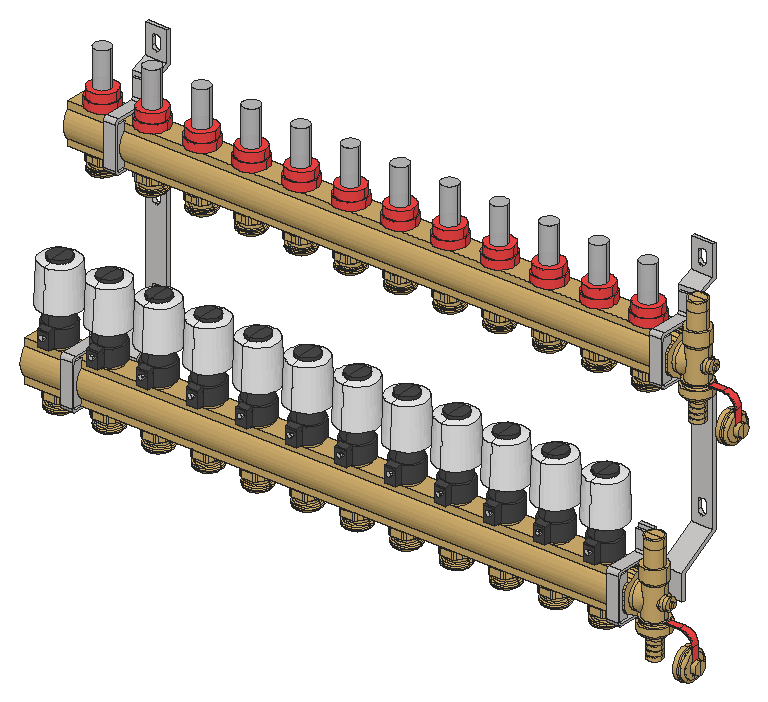
Revit family "1Manifold FHF-F_2-12_TWA-A_RFA", category Pipe Accessories, Revit 2019 (continued)
Definition of nested family "_FHF-EA_EM"
  Forms (mm)
    Revolve 13, solid, material <- "Valve Body Material", visible <- "FHF-EA200"
      sketch origin (0, 0, 0) x (1, 0, 0) y (0, 0, 1)
        loop
          line (34.458, 75.7) -> (18.583, 75.7) -> (18.583, 31.222) -> (22.397, 31.222) -> (22.397, 29.7) -> (22.397, -20.3) -> (19.532, -20.3) -> (19.532, -30.3) -> (26.815, -30.3) -> (26.815, -53.8) -> (34.458, -53.8) -> (34.458, 75.7)
        axis (34.458, -53.8) -> (34.458, 75.7)
      angle from 0 to 360
    Revolve 14, solid, material <- "Valve Body Material", visible <- "FHF-EA200"
      sketch origin (0, 0, 0) x (1, 0, 0) y (0, 0, 1)
        loop
          line (64.487, -47.3) -> (80.487, -47.3) -> (80.487, -41.045) -> (74.447, -41.045) -> (74.447, -32.3) -> (64.487, -32.3) -> (64.487, -47.3)
        axis (80.487, -47.3) -> (64.487, -47.3)
      angle from 0 to 360
    Revolve 15, solid, material <- "Valve Body Material", visible <- "FHF-EM350"
      sketch origin (0, 0, 0) x (1, 0, 0) y (0, 0, 1)
        loop
          line (34.487, -53.8) -> (34.487, 57.24) -> (26.313, 57.24)
          arc (26.313, 57.24) -> (25.748, 57.006) -> (25.513, 56.44) r 0.8
          line (25.513, 56.44) -> (25.513, 48.2) -> (25.513, 31.226) -> (22.284, 31.226) -> (22.284, 17.96) -> (23.815, 15.773) -> (23.815, -16.3) -> (20.987, -16.3) -> (20.987, -17.3) -> (23.632, -17.3) -> (23.632, -18.82) -> (22.157, -20.295) -> (19.515, -20.295) -> (19.515, -27.281) -> (22.534, -30.3) -> (26.842, -30.3) -> (27.094, -35.103) -> (27.482, -38.797) -> (27.272, -39.877) -> (27.48, -43.835) -> (27.281, -44.86) -> (27.488, -48.827) -> (27.176, -49.734) -> (27.176, -53.35) -> (28.237, -53.8) -> (34.487, -53.8)
        axis (34.487, -53.8) -> (34.487, 57.24)
      angle from 0 to 360
    Sweep 16, solid, visible <- "FHF-EM"
      path origin (0, 0, 0) x (1, 0, 0) y (0, 0, 1)
        loop
          line (45.159, -16.3) -> (62.487, -16.3)
          arc (62.487, -16.3) -> (71.656, -20.098) -> (75.455, -29.268) r 12.968
          line (75.455, -29.268) -> (75.455, -54.268)
      profile origin (53.823, 0, -16.3) x (0, 0, 1) y (0, -1, 0)
        loop
          line (-0.007, 3.534) -> (-1.008, 3.534) -> (-1.008, -3.534) -> (-0.008, -3.534) -> (-0.007, 3.534)
    Revolve 17, solid, material <- "Valve Body Material", visible <- "FHF-EM200"
      sketch origin (0, 0, 0) x (1, 0, 0) y (0, 0, 1)
        loop
          line (0, 0) -> (34.041, 0)
          arc (34.041, 0) -> (30.207, 11.138) -> (19.487, 16.021) r 14.916
          line (19.487, 16.021) -> (0, 16.021) -> (0, 0)
        axis (0, 0) -> (34.041, 0)
      angle from 0 to 360
    Revolve 18, solid, material <- "Valve Body Material", visible <- "FHF-EA200"
      sketch origin (0, 0, 0) x (1, 0, 0) y (0, 0, 1)
        loop
          line (34.458, 75.7) -> (18.583, 75.7) -> (18.583, 31.222) -> (22.397, 31.222) -> (22.397, 29.7) -> (22.397, -20.3) -> (19.532, -20.3) -> (19.532, -30.3) -> (26.815, -30.3) -> (26.815, -53.8) -> (34.458, -53.8) -> (34.458, 75.7)
        axis (34.458, -53.8) -> (34.458, 75.7)
      angle from 0 to 360
    Revolve 19, solid, material <- "Valve Body Material", visible <- "FHF-EM200"
      sketch origin (0, 0, 0) x (1, 0, 0) y (0, 0, 1)
        loop
          line (64.487, -47.3) -> (80.487, -47.3) -> (80.487, -41.045) -> (74.447, -41.045) -> (74.447, -32.3) -> (64.487, -32.3) -> (64.487, -47.3)
        axis (80.487, -47.3) -> (64.487, -47.3)
      angle from 0 to 360
    Revolve 20, solid, material <- "Valve Body Material", visible <- "FHF-EM200"
      sketch origin (0, 0, 0) x (1, 0, 0) y (0, 0, 1)
        loop
          line (34.458, 57.24) -> (22.397, 57.24) -> (22.397, -20.3) -> (19.532, -20.3) -> (19.532, -30.3) -> (26.815, -30.3) -> (26.815, -53.8) -> (34.458, -53.8) -> (34.458, 57.24)
        axis (34.458, -53.8) -> (34.458, 57.24)
      angle from 0 to 360
  Dimensions and locks
    "L": plane 6 to plane 3 "Center (Left/Right)"
    "H1": plane 8 to level
    "H2": level to plane 7
    equal spacing: plane 9, plane 1 "Center (Front/Back)", plane 10
    "W": plane 9 to plane 10
    aligned and locked: level to plane 2
  Automatic sketch dimensions
    Revolve 1 sketch curve to level = 0 mm  (x2)
    Revolve 1 sketch curve to plane 3 "Center (Left/Right)" = 0 mm  (x2)
    plane 3 "Center (Left/Right)" to Revolve 1 sketch curve = 7.24 mm
    Revolve 1 sketch curve to Revolve 1 sketch curve = 0.736 mm
    Revolve 1 sketch curve to Revolve 1 sketch curve = 2.794 mm
    Revolve 1 sketch curve to Revolve 1 sketch curve = 1.453 mm
    level to Revolve 1 sketch curve = 14.494 mm
    Revolve 1 sketch curve to Revolve 1 sketch curve = 2.058 mm  (x2)
    plane 3 "Center (Left/Right)" to Revolve 1 sketch curve = 1.535 mm
    Revolve 1 sketch curve to Revolve 1 sketch curve = 0 mm
    Revolve 1 sketch curve to Revolve 1 sketch curve = 1.535 mm
    Extrusion 2 sketch curve to level = 0 mm  (x2)
    Extrusion 2 sketch curve to plane 1 "Center (Front/Back)" = 0 mm  (x2)
    plane 1 "Center (Front/Back)" to Extrusion 2 sketch curve = 2.669 mm  (x2)
    Extrusion 2 sketch curve to Extrusion 2 sketch curve = 3.302 mm  (x2)
    Extrusion 2 sketch curve to plane 4 = 3.75 mm  (x2)
    plane 4 to Extrusion 2 sketch curve = 2.831 mm  (x2)
    Extrusion 2 sketch curve to Extrusion 2 sketch curve = 0.782 mm  (x2)
    Extrusion 2 sketch curve to Extrusion 2 sketch curve = 0.707 mm  (x2)
    Extrusion 2 sketch curve to Extrusion 2 sketch curve = 1.489 mm  (x2)
    Extrusion 2 sketch curve to Extrusion 2 sketch curve = 0.63 mm  (x2)
    plane 4 to Extrusion 2 sketch curve = 5.5 mm
    Extrusion 2 sketch curve to plane 1 "Center (Front/Back)" = 2.669 mm  (x2)
    plane 5 to Extrusion 2 sketch curve = 3.75 mm  (x2)
    Extrusion 2 sketch curve to plane 5 = 2.831 mm  (x2)
    Extrusion 2 sketch curve to plane 5 = 5.5 mm
    Extrusion 2 sketch curve to Extrusion 2 sketch curve = 3.786 mm  (x2)
    Extrusion 2 sketch curve to Extrusion 2 sketch curve = 3.813 mm  (x2)
    Extrusion 2 sketch curve to Extrusion 2 sketch curve = 1.22 mm  (x2)
    Extrusion 2 sketch curve to Extrusion 2 sketch curve = 1.181 mm  (x2)
    Extrusion 2 sketch curve to Extrusion 2 sketch curve = 1.136 mm  (x2)
    Extrusion 2 sketch curve to Extrusion 2 sketch curve = 1.086 mm  (x2)
    Extrusion 2 sketch curve to Extrusion 2 sketch curve = 3.8 mm  (x4)
    Extrusion 2 sketch curve to Extrusion 2 sketch curve = 1.893 mm  (x7)
    Extrusion 2 sketch curve to Extrusion 2 sketch curve = 5.693 mm
    Extrusion 2 sketch curve to Extrusion 2 sketch curve = 1.907 mm  (x3)
    Extrusion 2 sketch curve to Extrusion 2 sketch curve = 0.179 mm  (x2)
    level to Extrusion 2 sketch curve = 3.786 mm  (x2)
    Extrusion 2 sketch curve to Extrusion 2 sketch curve = 3.814 mm  (x2)
    Extrusion 2 sketch curve to Extrusion 2 sketch curve = 2.401 mm  (x2)
    Extrusion 2 sketch curve to Extrusion 2 sketch curve = 2.222 mm  (x2)
    Extrusion 2 sketch curve to Extrusion 2 sketch curve = 0 mm  (x15)
    Extrusion 2 sketch curve to Extrusion 2 sketch curve = 3.279 mm  (x2)
    Extrusion 2 sketch curve to plane 4 = 0.471 mm  (x2)
    plane 5 to Extrusion 2 sketch curve = 0.471 mm  (x2)
    plane 3 "Center (Left/Right)" to Revolve 3 sketch curve = 15.987 mm
    Revolve 3 sketch curve to Revolve 3 sketch curve = 0.47 mm
    Revolve 3 sketch curve to Revolve 3 sketch curve = 1.502 mm
    Revolve 3 sketch curve to Revolve 3 sketch curve = 3.069 mm
    plane 3 "Center (Left/Right)" to Revolve 3 sketch curve = 19.056 mm
    plane 3 "Center (Left/Right)" to Revolve 3 sketch curve = 19.515 mm
    Revolve 3 sketch curve to Revolve 3 sketch curve = 1.472 mm
    Revolve 3 sketch curve to Revolve 3 sketch curve = 3.228 mm
    Revolve 3 sketch curve to Revolve 3 sketch curve = 2.642 mm
    Revolve 3 sketch curve to Revolve 3 sketch curve = 3.019 mm  (x2)
    Revolve 3 sketch curve to Revolve 3 sketch curve = 1.475 mm  (x2)
    Revolve 3 sketch curve to Revolve 3 sketch curve = 1.531 mm
    Revolve 3 sketch curve to Revolve 3 sketch curve = 4.308 mm
    Revolve 3 sketch curve to Revolve 3 sketch curve = 0.252 mm
    Revolve 3 sketch curve to Revolve 3 sketch curve = 0.082 mm
    Revolve 3 sketch curve to Revolve 3 sketch curve = 0.178 mm
    Revolve 3 sketch curve to Revolve 3 sketch curve = 0.105 mm
    Revolve 3 sketch curve to Revolve 3 sketch curve = 0.199 mm
    Revolve 3 sketch curve to Revolve 3 sketch curve = 0.21 mm
    Revolve 3 sketch curve to Revolve 3 sketch curve = 0.313 mm
    Revolve 3 sketch curve to Revolve 3 sketch curve = 1.061 mm
    Revolve 3 sketch curve to Revolve 3 sketch curve = 3.958 mm
    Revolve 3 sketch curve to Revolve 3 sketch curve = 1.08 mm
    Revolve 3 sketch curve to Revolve 3 sketch curve = 3.695 mm
    Revolve 3 sketch curve to Revolve 3 sketch curve = 4.803 mm
    Revolve 3 sketch curve to Revolve 3 sketch curve = 1.52 mm
    Revolve 3 sketch curve to Revolve 3 sketch curve = 1 mm
    level to Revolve 3 sketch curve = 15.773 mm
    Revolve 3 sketch curve to Revolve 3 sketch curve = 17.012 mm
    Revolve 3 sketch curve to Revolve 3 sketch curve = 0.512 mm
    Revolve 3 sketch curve to Revolve 3 sketch curve = 0.919 mm
    Revolve 3 sketch curve to Revolve 3 sketch curve = 5.08 mm
    Revolve 3 sketch curve to Revolve 3 sketch curve = 1.962 mm
    Revolve 3 sketch curve to Revolve 3 sketch curve = 6.25 mm
    Revolve 3 sketch curve to Revolve 3 sketch curve = 0 mm  (x2)
    Revolve 3 sketch curve to Revolve 3 sketch curve = 0.007 mm
    plane 6 to Revolve 4 sketch curve = 0 mm  (x2)
    Revolve 4 sketch curve to plane 6 = 6 mm
    Revolve 4 sketch curve to Revolve 4 sketch curve = 2.522 mm
    Revolve 4 sketch curve to Revolve 4 sketch curve = 2.471 mm
    Revolve 4 sketch curve to Revolve 4 sketch curve = 0.522 mm
    Revolve 4 sketch curve to Revolve 4 sketch curve = 0.143 mm
    Revolve 4 sketch curve to Revolve 4 sketch curve = 6.164 mm
    Revolve 4 sketch curve to Revolve 4 sketch curve = 5.813 mm
    Revolve 4 sketch curve to Revolve 4 sketch curve = 0.001 mm
    Revolve 4 sketch curve to Revolve 4 sketch curve = 10 mm
    Revolve 4 sketch curve to Revolve 4 sketch curve = 0 mm  (x2)
    Sweep 5 sketch curve to plane 6 = 18 mm
    Sweep 5 sketch curve to Sweep 5 sketch curve = 12.968 mm
    Sweep 5 sketch curve to Sweep 5 sketch curve = 17.328 mm
    profile plane to Sweep 5 sketch curve = 1.008 mm
    profile plane to Sweep 5 sketch curve = 0.008 mm
    Sweep 5 sketch curve to Sweep 5 sketch curve = 1.001 mm
    Sweep 5 sketch curve to plane 1 "Center (Front/Back)" = 3.534 mm
    plane 1 "Center (Front/Back)" to Sweep 5 sketch curve = 3.534 mm
    Sweep 5 sketch curve to Sweep 5 sketch curve = 1 mm
    plane 3 "Center (Left/Right)" to Revolve 6 sketch curve = 6.174 mm
    Revolve 6 sketch curve to Revolve 6 sketch curve = 9.151 mm
    Revolve 6 sketch curve to Revolve 6 sketch curve = 0.823 mm
    Revolve 6 sketch curve to Revolve 6 sketch curve = 0 mm  (x2)
    Revolve 6 sketch curve to Revolve 6 sketch curve = 3.908 mm
    Revolve 6 sketch curve to Revolve 6 sketch curve = 0.141 mm
    Revolve 7 sketch curve to level = 0 mm  (x2)
    plane 3 "Center (Left/Right)" to Revolve 7 sketch curve = 19.487 mm
    Revolve 7 sketch curve to Revolve 7 sketch curve = 4.111 mm
    Revolve 7 sketch curve to Revolve 7 sketch curve = 9.817 mm
    Revolve 7 sketch curve to Revolve 7 sketch curve = 11.642 mm
    Revolve 7 sketch curve to Revolve 7 sketch curve = 1.53 mm
    Revolve 7 sketch curve to Revolve 7 sketch curve = 4.1 mm
    Revolve 7 sketch curve to Revolve 7 sketch curve = 2.909 mm
    level to Revolve 7 sketch curve = 2.5 mm
    Revolve 7 sketch curve to Revolve 7 sketch curve = 3.5 mm
    level to Revolve 7 sketch curve = 7.53 mm
    Revolve 7 sketch curve to Revolve 7 sketch curve = 7.132 mm
    Revolve 7 sketch curve to Revolve 7 sketch curve = 0 mm  (x2)
    Revolve 8 sketch curve to level = 0 mm  (x2)
    Revolve 8 sketch curve to plane 3 "Center (Left/Right)" = 0 mm  (x2)
    plane 3 "Center (Left/Right)" to Revolve 8 sketch curve = 1.535 mm
    Revolve 8 sketch curve to Revolve 8 sketch curve = 5.705 mm
    Revolve 8 sketch curve to Revolve 8 sketch curve = 0.736 mm
    Revolve 8 sketch curve to Revolve 8 sketch curve = 2.794 mm
    Revolve 8 sketch curve to Revolve 8 sketch curve = 1.453 mm
    level to Revolve 8 sketch curve = 14.494 mm
    Revolve 8 sketch curve to Revolve 8 sketch curve = 0.523 mm
    Revolve 8 sketch curve to Revolve 8 sketch curve = 2.058 mm  (x2)
    Revolve 8 sketch curve to Revolve 8 sketch curve = 0 mm
    Extrusion 9 sketch curve to level = 0 mm  (x2)
    Extrusion 9 sketch curve to plane 1 "Center (Front/Back)" = 0 mm  (x2)
    plane 1 "Center (Front/Back)" to Extrusion 9 sketch curve = 2.669 mm  (x2)
    Extrusion 9 sketch curve to Extrusion 9 sketch curve = 3.302 mm  (x2)
    Extrusion 9 sketch curve to plane 4 = 3.75 mm  (x2)
    plane 4 to Extrusion 9 sketch curve = 2.831 mm  (x2)
    Extrusion 9 sketch curve to Extrusion 9 sketch curve = 0.782 mm  (x2)
    Extrusion 9 sketch curve to Extrusion 9 sketch curve = 0.707 mm  (x2)
    Extrusion 9 sketch curve to Extrusion 9 sketch curve = 1.489 mm  (x2)
    Extrusion 9 sketch curve to Extrusion 9 sketch curve = 0.63 mm  (x2)
    plane 4 to Extrusion 9 sketch curve = 5.5 mm
    Extrusion 9 sketch curve to plane 1 "Center (Front/Back)" = 2.669 mm  (x2)
    plane 5 to Extrusion 9 sketch curve = 3.75 mm  (x2)
    Extrusion 9 sketch curve to plane 5 = 2.831 mm  (x2)
    Extrusion 9 sketch curve to plane 5 = 5.5 mm
    Extrusion 9 sketch curve to Extrusion 9 sketch curve = 3.786 mm  (x2)
    Extrusion 9 sketch curve to Extrusion 9 sketch curve = 3.813 mm  (x2)
    Extrusion 9 sketch curve to Extrusion 9 sketch curve = 1.22 mm  (x2)
    Extrusion 9 sketch curve to Extrusion 9 sketch curve = 1.181 mm  (x2)
    Extrusion 9 sketch curve to Extrusion 9 sketch curve = 1.136 mm  (x2)
    Extrusion 9 sketch curve to Extrusion 9 sketch curve = 1.086 mm  (x2)
    Extrusion 9 sketch curve to Extrusion 9 sketch curve = 3.8 mm  (x4)
    Extrusion 9 sketch curve to Extrusion 9 sketch curve = 1.893 mm  (x7)
    Extrusion 9 sketch curve to Extrusion 9 sketch curve = 5.693 mm
    Extrusion 9 sketch curve to Extrusion 9 sketch curve = 1.907 mm  (x3)
    Extrusion 9 sketch curve to Extrusion 9 sketch curve = 0.179 mm  (x2)
    level to Extrusion 9 sketch curve = 3.786 mm  (x2)
    Extrusion 9 sketch curve to Extrusion 9 sketch curve = 3.814 mm  (x2)
    Extrusion 9 sketch curve to Extrusion 9 sketch curve = 2.401 mm  (x2)
    Extrusion 9 sketch curve to Extrusion 9 sketch curve = 2.222 mm  (x2)
    Extrusion 9 sketch curve to Extrusion 9 sketch curve = 0 mm  (x15)
    Extrusion 9 sketch curve to Extrusion 9 sketch curve = 3.279 mm  (x2)
    Extrusion 9 sketch curve to plane 4 = 0.471 mm  (x2)
    plane 5 to Extrusion 9 sketch curve = 0.471 mm  (x2)
    plane 6 to Revolve 10 sketch curve = 0 mm  (x2)
    Revolve 10 sketch curve to plane 6 = 6 mm
    Revolve 10 sketch curve to Revolve 10 sketch curve = 2.522 mm
    Revolve 10 sketch curve to Revolve 10 sketch curve = 2.471 mm
    Revolve 10 sketch curve to Revolve 10 sketch curve = 0.522 mm
    Revolve 10 sketch curve to Revolve 10 sketch curve = 0.143 mm
    Revolve 10 sketch curve to Revolve 10 sketch curve = 10 mm
    Revolve 10 sketch curve to Revolve 10 sketch curve = 6.164 mm
    Revolve 10 sketch curve to Revolve 10 sketch curve = 5.813 mm
    Revolve 10 sketch curve to Revolve 10 sketch curve = 0.001 mm
    Revolve 10 sketch curve to Revolve 10 sketch curve = 0 mm  (x2)
    Revolve 11 sketch curve to level = 0 mm  (x2)
    plane 3 "Center (Left/Right)" to Revolve 11 sketch curve = 19.487 mm
    Revolve 11 sketch curve to Revolve 11 sketch curve = 4.111 mm
    Revolve 11 sketch curve to Revolve 11 sketch curve = 9.817 mm
    Revolve 11 sketch curve to Revolve 11 sketch curve = 11.642 mm
    Revolve 11 sketch curve to Revolve 11 sketch curve = 1.53 mm
    Revolve 11 sketch curve to Revolve 11 sketch curve = 4.1 mm
    Revolve 11 sketch curve to Revolve 11 sketch curve = 2.909 mm
    level to Revolve 11 sketch curve = 2.5 mm
    Revolve 11 sketch curve to Revolve 11 sketch curve = 3.5 mm
    level to Revolve 11 sketch curve = 7.53 mm
    Revolve 11 sketch curve to Revolve 11 sketch curve = 7.132 mm
    Revolve 11 sketch curve to Revolve 11 sketch curve = 0 mm  (x2)
    Revolve 12 sketch curve to level = 0 mm  (x2)
    Revolve 12 sketch curve to plane 3 "Center (Left/Right)" = 0 mm  (x2)
    level to Revolve 12 sketch curve = 1.109 mm
    plane 3 "Center (Left/Right)" to Revolve 12 sketch curve = 19.166 mm
    Revolve 12 sketch curve to Revolve 12 sketch curve = 0.32 mm
    Revolve 12 sketch curve to Revolve 12 sketch curve = 14.874 mm
    Revolve 12 sketch curve to Revolve 12 sketch curve = 0 mm
    plane 3 "Center (Left/Right)" to Revolve 13 sketch curve = 18.583 mm
    plane 3 "Center (Left/Right)" to Revolve 13 sketch curve = 19.532 mm
    Revolve 13 sketch curve to Revolve 13 sketch curve = 3.814 mm
    Revolve 13 sketch curve to Revolve 13 sketch curve = 7.283 mm
    Revolve 13 sketch curve to Revolve 13 sketch curve = 7.643 mm
    Revolve 13 sketch curve to Revolve 13 sketch curve = 10 mm
    level to Revolve 13 sketch curve = 29.7 mm
    Revolve 13 sketch curve to Revolve 13 sketch curve = 1.522 mm
    Revolve 13 sketch curve to Revolve 13 sketch curve = 0 mm  (x3)
    plane 6 to Revolve 14 sketch curve = 0 mm  (x2)
    Revolve 14 sketch curve to plane 6 = 6.04 mm
    Revolve 14 sketch curve to Revolve 14 sketch curve = 9.96 mm
    Revolve 14 sketch curve to Revolve 14 sketch curve = 8.745 mm
    Revolve 14 sketch curve to Revolve 14 sketch curve = 0 mm  (x2)
    Sweep 16 sketch curve to plane 6 = 18 mm
    Sweep 16 sketch curve to plane 6 = 5.032 mm
    Sweep 16 sketch curve to Sweep 16 sketch curve = 17.328 mm
    profile plane to Sweep 16 sketch curve = 1.008 mm  (x2)
    profile plane to Sweep 16 sketch curve = 0.008 mm
    profile plane to Sweep 16 sketch curve = 0.007 mm
    Sweep 16 sketch curve to plane 1 "Center (Front/Back)" = 3.534 mm
    plane 1 "Center (Front/Back)" to Sweep 16 sketch curve = 3.534 mm
    Revolve 17 sketch curve to level = 0 mm  (x2)
    Revolve 17 sketch curve to plane 3 "Center (Left/Right)" = 0 mm  (x2)
    level to Revolve 17 sketch curve = 1.109 mm
    plane 3 "Center (Left/Right)" to Revolve 17 sketch curve = 19.166 mm
    Revolve 17 sketch curve to Revolve 17 sketch curve = 0.32 mm
    Revolve 17 sketch curve to Revolve 17 sketch curve = 14.874 mm
    Revolve 17 sketch curve to Revolve 17 sketch curve = 0 mm
    plane 3 "Center (Left/Right)" to Revolve 18 sketch curve = 18.583 mm
    plane 3 "Center (Left/Right)" to Revolve 18 sketch curve = 19.532 mm
    Revolve 18 sketch curve to Revolve 18 sketch curve = 3.814 mm
    Revolve 18 sketch curve to Revolve 18 sketch curve = 7.283 mm
    Revolve 18 sketch curve to Revolve 18 sketch curve = 7.643 mm
    Revolve 18 sketch curve to Revolve 18 sketch curve = 10 mm
    level to Revolve 18 sketch curve = 29.7 mm
    Revolve 18 sketch curve to Revolve 18 sketch curve = 1.522 mm
    Revolve 18 sketch curve to Revolve 18 sketch curve = 0 mm  (x3)
    plane 6 to Revolve 19 sketch curve = 0 mm  (x2)
    Revolve 19 sketch curve to plane 6 = 6.04 mm
    Revolve 19 sketch curve to Revolve 19 sketch curve = 9.96 mm
    Revolve 19 sketch curve to Revolve 19 sketch curve = 6.255 mm
    Revolve 19 sketch curve to Revolve 19 sketch curve = 8.745 mm
    Revolve 19 sketch curve to Revolve 19 sketch curve = 0 mm  (x2)
    plane 3 "Center (Left/Right)" to Revolve 20 sketch curve = 19.532 mm
    Revolve 20 sketch curve to Revolve 20 sketch curve = 2.865 mm
    Revolve 20 sketch curve to Revolve 20 sketch curve = 7.283 mm
    Revolve 20 sketch curve to Revolve 20 sketch curve = 7.643 mm
    Revolve 20 sketch curve to Revolve 20 sketch curve = 10 mm
    Revolve 20 sketch curve to Revolve 20 sketch curve = 0 mm  (x3)
    Revolve 3 sketch curve to Revolve 3 sketch curve = 1.5 mm  (x2)
    level to Revolve 6 sketch curve = 69.25 mm
    Revolve 6 sketch curve to Revolve 6 sketch curve = 4.604 mm
    Revolve 6 sketch curve to Revolve 6 sketch curve = 1.346 mm
    Revolve 6 sketch curve to Revolve 6 sketch curve = 0.561 mm
    Revolve 13 sketch curve to Revolve 13 sketch curve = 44.478 mm
    Revolve 18 sketch curve to Revolve 18 sketch curve = 44.478 mm
    level to Revolve 20 sketch curve = 57.24 mm
    Revolve 3 sketch curve to level = 16.3 mm
    Revolve 3 sketch curve to Revolve 3 sketch curve = 1.025 mm
    Revolve 3 sketch curve to Revolve 3 sketch curve = 3.967 mm
    Revolve 3 sketch curve to Revolve 3 sketch curve = 0.908 mm
    Revolve 3 sketch curve to Revolve 3 sketch curve = 3.615 mm
    Revolve 3 sketch curve to Revolve 3 sketch curve = 0.45 mm
    Revolve 4 sketch curve to level = 47.3 mm
    Sweep 5 sketch curve to level = 29.268 mm
    Sweep 5 sketch curve to Sweep 5 sketch curve = 25 mm
    Revolve 10 sketch curve to level = 47.3 mm
    Revolve 13 sketch curve to level = 20.3 mm
    Revolve 13 sketch curve to Revolve 13 sketch curve = 23.5 mm
    Revolve 14 sketch curve to level = 47.3 mm
    Revolve 14 sketch curve to Revolve 14 sketch curve = 6.255 mm
    Sweep 16 sketch curve to level = 29.268 mm
    Sweep 16 sketch curve to Sweep 16 sketch curve = 25 mm
    Revolve 18 sketch curve to level = 20.3 mm
    Revolve 18 sketch curve to Revolve 18 sketch curve = 23.5 mm
    Revolve 19 sketch curve to level = 47.3 mm
    Revolve 20 sketch curve to level = 20.3 mm
    Revolve 20 sketch curve to Revolve 20 sketch curve = 23.5 mm
    Revolve 3 sketch curve to plane 8 = 0 mm
    Revolve 3 sketch curve to Revolve 3 sketch curve = 2.187 mm
    Revolve 3 sketch curve to Revolve 3 sketch curve = 13.266 mm
    Revolve 3 sketch curve to plane 7 = 0 mm
    Revolve 15 sketch curve to plane 7 = 0 mm  (x2)
    plane 3 "Center (Left/Right)" to Revolve 15 sketch curve = 19.515 mm
    Revolve 15 sketch curve to Revolve 15 sketch curve = 1.472 mm
    plane 3 "Center (Left/Right)" to Revolve 15 sketch curve = 22.284 mm
    Revolve 15 sketch curve to Revolve 15 sketch curve = 2.642 mm
    Revolve 15 sketch curve to Revolve 15 sketch curve = 3.019 mm  (x2)
    Revolve 15 sketch curve to Revolve 15 sketch curve = 2.645 mm
    Revolve 15 sketch curve to Revolve 15 sketch curve = 1.531 mm
    Revolve 15 sketch curve to Revolve 15 sketch curve = 3.229 mm
    Revolve 15 sketch curve to Revolve 15 sketch curve = 0.8 mm
    Revolve 15 sketch curve to Revolve 15 sketch curve = 4.308 mm
    Revolve 15 sketch curve to Revolve 15 sketch curve = 0.252 mm
    plane 7 to Revolve 15 sketch curve = 0.45 mm
    Revolve 15 sketch curve to Revolve 15 sketch curve = 0.082 mm
    Revolve 15 sketch curve to Revolve 15 sketch curve = 0.178 mm
    plane 7 to Revolve 15 sketch curve = 8.94 mm
    Revolve 15 sketch curve to Revolve 15 sketch curve = 0.105 mm
    plane 7 to Revolve 15 sketch curve = 9.965 mm
    Revolve 15 sketch curve to Revolve 15 sketch curve = 0.199 mm
    Revolve 15 sketch curve to Revolve 15 sketch curve = 0.21 mm
    plane 7 to Revolve 15 sketch curve = 4.973 mm
    Revolve 15 sketch curve to Revolve 15 sketch curve = 0.313 mm
    Revolve 15 sketch curve to Revolve 15 sketch curve = 1.061 mm
    Revolve 15 sketch curve to Revolve 15 sketch curve = 6.25 mm
    Revolve 15 sketch curve to Revolve 15 sketch curve = 0.908 mm
    Revolve 15 sketch curve to Revolve 15 sketch curve = 3.958 mm
    Revolve 15 sketch curve to Revolve 15 sketch curve = 1.08 mm
    Revolve 15 sketch curve to Revolve 15 sketch curve = 3.695 mm
    Revolve 15 sketch curve to Revolve 15 sketch curve = 4.803 mm
    Revolve 15 sketch curve to Revolve 15 sketch curve = 1.475 mm
    Revolve 15 sketch curve to Revolve 15 sketch curve = 1.52 mm
    Revolve 15 sketch curve to Revolve 15 sketch curve = 1 mm
    level to Revolve 15 sketch curve = 15.773 mm
    Revolve 15 sketch curve to plane 8 = 19.26 mm
    Revolve 15 sketch curve to Revolve 15 sketch curve = 0 mm  (x2)
    Revolve 15 sketch curve to Revolve 15 sketch curve = 8.24 mm
    Revolve 15 sketch curve to Revolve 15 sketch curve = 2.187 mm
    Revolve 15 sketch curve to Revolve 15 sketch curve = 13.266 mm
    Revolve 15 sketch curve to Revolve 15 sketch curve = 6.986 mm
Definition of nested family "_FHF-MB_RFA"
  Parameters (values of type "FHF-MB_088U0585")
    W = 85.5 mm
    Valve Body Material = none
    Model Type = "FHF-MB_Mounting brackets set"
    Model = "088U0585"
    Manufacturer = "Danfoss"  # constant formula
    LOD 350 [instance] = not(LOD 200)  # yes
    LOD 200 [instance] = no
    L [instance] = 550 mm
    IfcExportType = "FHF-MB"  # constant formula
    IfcExportAs = "IfcValveType"  # constant formula
    H = 342 mm
    Description = "Accessories for Manifolds"
  Reference planes
    plane 1 "Center (Front/Back)": y = 0
    plane 2: z = 0
    plane 3 "s": x = 0
    plane 4: x = 578.737
    plane 5: x = 14.697
    plane 6: x = 2.697
    plane 7: x = 673.959
    plane 8: x = 552.697
    plane 9: x = 547.947
    plane 10: x = 569.447
    plane 11: x = -22.303
    plane 12: x = -10.303
    plane 13: x = 539.697
    plane 14: x = 527.697
    plane 15: y = 1.109
    plane 16: y = -2.391
    plane 17: z = -257.811
    plane 18: z = 84.189
    plane 19: y = 40.109
    plane 20: y = -45.391
    plane 21 "Center (Left/Right)": x = 8.697
    plane 22 "right": x = 558.697
    plane 23: x = 564.697
  Forms (mm)
    Extrusion 1, solid, material <- "Valve Body Material"
      sketch origin (0, 0, 0) x (0, 1, 0) y (0, 0, 1)
        loop
          line (16.609, 28.189) -> (16.609, 46.189) -> (14.609, 46.189) -> (14.609, 28.189)
          arc (14.609, 28.189) -> (14.023, 26.775) -> (12.609, 26.189) r 2
          line (12.609, 26.189) -> (-18.391, 26.189)
          arc (-18.391, 26.189) -> (-21.219, 25.017) -> (-22.391, 22.189) r 4
          line (-22.391, 22.189) -> (-22.391, -19.811)
          arc (-22.391, -19.811) -> (-21.219, -22.639) -> (-18.391, -23.811) r 4
          line (-18.391, -23.811) -> (12.609, -23.811)
          arc (12.609, -23.811) -> (14.023, -24.397) -> (14.609, -25.811) r 2
          line (14.609, -25.811) -> (14.609, -43.811) -> (16.609, -43.811) -> (16.609, -25.811)
          arc (16.609, -25.811) -> (15.438, -22.983) -> (12.609, -21.811) r 4
          line (12.609, -21.811) -> (-18.391, -21.811)
          arc (-18.391, -21.811) -> (-19.992, -21.042) -> (-20.391, -19.311) r 2.05
          line (-20.391, -19.311) -> (-20.391, 21.689)
          arc (-20.391, 21.689) -> (-19.992, 23.42) -> (-18.391, 24.189) r 2.05
          line (-18.391, 24.189) -> (12.609, 24.189)
          arc (12.609, 24.189) -> (15.438, 25.361) -> (16.609, 28.189) r 4
      from 2.697 to 14.697
    Extrusion 2, solid, material <- "Valve Body Material"
      sketch origin (0, 0, 0) x (0, 1, 0) y (0, 0, 1)
        loop
          line (36.609, 84.189) -> (36.609, 54.013) -> (20.609, 48.189) -> (20.609, -45.811) -> (36.609, -51.634) -> (36.609, -173.334) -> (-2.391, -195.851) -> (-2.391, -221.811) -> (1.109, -221.811) -> (1.109, -197.872) -> (40.109, -175.355) -> (40.109, -49.184) -> (24.109, -43.36) -> (24.109, 45.738) -> (40.109, 51.562) -> (40.109, 84.189) -> (36.609, 84.189)
      from -2.053 to 19.447
    Extrusion 3, solid, material <- "Valve Body Material"
      sketch origin (0, 0, 0) x (0, 1, 0) y (0, 0, 1)
        loop
          line (-6.391, -184.811) -> (-6.391, -166.811) -> (-8.391, -166.811) -> (-8.391, -184.811)
          arc (-8.391, -184.811) -> (-8.977, -186.225) -> (-10.391, -186.811) r 2
          line (-10.391, -186.811) -> (-41.391, -186.811)
          arc (-41.391, -186.811) -> (-44.219, -187.983) -> (-45.391, -190.811) r 4
          line (-45.391, -190.811) -> (-45.391, -232.811)
          arc (-45.391, -232.811) -> (-44.219, -235.639) -> (-41.391, -236.811) r 4
          line (-41.391, -236.811) -> (-10.391, -236.811)
          arc (-10.391, -236.811) -> (-8.977, -237.397) -> (-8.391, -238.811) r 2
          line (-8.391, -238.811) -> (-8.391, -256.811) -> (-6.391, -256.811) -> (-6.391, -238.811)
          arc (-6.391, -238.811) -> (-7.562, -235.983) -> (-10.391, -234.811) r 4
          line (-10.391, -234.811) -> (-41.391, -234.811)
          arc (-41.391, -234.811) -> (-42.992, -234.042) -> (-43.391, -232.311) r 2.05
          line (-43.391, -232.311) -> (-43.391, -191.311)
          arc (-43.391, -191.311) -> (-42.992, -189.58) -> (-41.391, -188.811) r 2.05
          line (-41.391, -188.811) -> (-10.391, -188.811)
          arc (-10.391, -188.811) -> (-7.562, -187.639) -> (-6.391, -184.811) r 4
      from -22.303 to -10.303
    Extrusion 4, solid, material <- "Valve Body Material"
      sketch origin (0, 0, 0) x (1, 0, 0) y (0, 0, 1)
        loop
          line (-2.053, -201.811) -> (-9.553, -201.811) -> (-9.553, -165.811) -> (-24.553, -165.811) -> (-24.553, -257.811) -> (-8.553, -257.811) -> (-8.553, -221.811) -> (-2.053, -221.811) -> (-2.053, -201.811)
      from -1.109 to 2.391
    Extrusion 5, solid, material <- "Valve Body Material", visible <- "LOD 350"
      sketch origin (0, 0, 0) x (0, 1, 0) y (0, 0, 1)
        loop
          line (-2.391, -191.311) -> (-11.391, -191.311) -> (-11.391, -198.283)
          arc (-11.391, -198.283) -> (-5.61, -211.811) -> (-11.391, -225.339) r 18.718
          line (-11.391, -225.339) -> (-11.391, -232.311) -> (-2.391, -232.311) -> (-2.391, -191.311)
        loop
          line (-34.391, -191.311) -> (-43.391, -191.311) -> (-43.391, -232.311) -> (-34.391, -232.311) -> (-34.391, -225.339)
          arc (-34.391, -225.339) -> (-40.327, -211.811) -> (-34.391, -198.283) r 18.382
          line (-34.391, -198.283) -> (-34.391, -191.311)
      from -22.303 to -10.303
    Extrusion 6, solid, material <- "Valve Body Material", visible <- "LOD 350"
      sketch origin (0, 0, 0) x (0, 1, 0) y (0, 0, 1)
        loop
          line (20.609, 21.689) -> (11.609, 21.689) -> (11.609, 14.717)
          arc (11.609, 14.717) -> (17.39, 1.189) -> (11.609, -12.339) r 18.718
          line (11.609, -12.339) -> (11.609, -19.311) -> (20.609, -19.311) -> (20.609, 21.689)
        loop
          line (-11.391, 21.689) -> (-20.391, 21.689) -> (-20.391, -19.311) -> (-11.391, -19.311) -> (-11.391, -12.339)
          arc (-11.391, -12.339) -> (-17.327, 1.189) -> (-11.391, 14.717) r 18.382
          line (-11.391, 14.717) -> (-11.391, 21.689)
      from 2.697 to 14.697
    Extrusion 7, solid, material <- "Valve Body Material"
      sketch origin (0, 0, 0) x (0, 1, 0) y (0, 0, 1)
        loop
          line (16.609, 28.189) -> (16.609, 46.189) -> (14.609, 46.189) -> (14.609, 28.189)
          arc (14.609, 28.189) -> (14.023, 26.775) -> (12.609, 26.189) r 2
          line (12.609, 26.189) -> (-18.391, 26.189)
          arc (-18.391, 26.189) -> (-21.219, 25.017) -> (-22.391, 22.189) r 4
          line (-22.391, 22.189) -> (-22.391, -19.811)
          arc (-22.391, -19.811) -> (-21.219, -22.639) -> (-18.391, -23.811) r 4
          line (-18.391, -23.811) -> (12.609, -23.811)
          arc (12.609, -23.811) -> (14.023, -24.397) -> (14.609, -25.811) r 2
          line (14.609, -25.811) -> (14.609, -43.811) -> (16.609, -43.811) -> (16.609, -25.811)
          arc (16.609, -25.811) -> (15.438, -22.983) -> (12.609, -21.811) r 4
          line (12.609, -21.811) -> (-18.391, -21.811)
          arc (-18.391, -21.811) -> (-19.992, -21.042) -> (-20.391, -19.311) r 2.05
          line (-20.391, -19.311) -> (-20.391, 21.689)
          arc (-20.391, 21.689) -> (-19.992, 23.42) -> (-18.391, 24.189) r 2.05
          line (-18.391, 24.189) -> (12.609, 24.189)
          arc (12.609, 24.189) -> (15.438, 25.361) -> (16.609, 28.189) r 4
      from 552.697 to 564.697
    Extrusion 8, solid, material <- "Valve Body Material"
      sketch origin (0, 0, 0) x (0, 1, 0) y (0, 0, 1)
        loop
          line (36.609, 84.189) -> (36.609, 54.013) -> (20.609, 48.189) -> (20.609, -45.811) -> (36.609, -51.634) -> (36.609, -173.334) -> (-2.391, -195.851) -> (-2.391, -221.811) -> (1.109, -221.811) -> (1.109, -197.872) -> (40.109, -175.355) -> (40.109, -49.184) -> (24.109, -43.36) -> (24.109, 45.738) -> (40.109, 51.562) -> (40.109, 84.189) -> (36.609, 84.189)
      from 547.947 to 569.447
    Extrusion 9, solid, material <- "Valve Body Material", visible <- "LOD 350"
      sketch origin (0, 0, 0) x (0, 1, 0) y (0, 0, 1)
        loop
          line (20.609, 21.689) -> (11.609, 21.689) -> (11.609, 14.717)
          arc (11.609, 14.717) -> (17.39, 1.189) -> (11.609, -12.339) r 18.718
          line (11.609, -12.339) -> (11.609, -19.311) -> (20.609, -19.311) -> (20.609, 21.689)
        loop
          line (-11.391, 21.689) -> (-20.391, 21.689) -> (-20.391, -19.311) -> (-11.391, -19.311) -> (-11.391, -12.339)
          arc (-11.391, -12.339) -> (-17.327, 1.189) -> (-11.391, 14.717) r 18.382
          line (-11.391, 14.717) -> (-11.391, 21.689)
      from 564.697 to 552.697
    Extrusion 10, solid, material <- "Valve Body Material", visible <- "LOD 350"
      sketch origin (0, 0, 0) x (0, 1, 0) y (0, 0, 1)
        loop
          line (-2.391, -191.311) -> (-11.391, -191.311) -> (-11.391, -198.283)
          arc (-11.391, -198.283) -> (-5.61, -211.811) -> (-11.391, -225.339) r 18.718
          line (-11.391, -225.339) -> (-11.391, -232.311) -> (-2.391, -232.311) -> (-2.391, -191.311)
        loop
          line (-34.391, -191.311) -> (-43.391, -191.311) -> (-43.391, -232.311) -> (-34.391, -232.311) -> (-34.391, -225.339)
          arc (-34.391, -225.339) -> (-40.327, -211.811) -> (-34.391, -198.283) r 18.382
          line (-34.391, -198.283) -> (-34.391, -191.311)
      from 527.697 to 539.697
    Extrusion 11, solid, material <- "Valve Body Material"
      sketch origin (0, 0, 0) x (0, 1, 0) y (0, 0, 1)
        loop
          line (-6.391, -184.811) -> (-6.391, -166.811) -> (-8.391, -166.811) -> (-8.391, -184.811)
          arc (-8.391, -184.811) -> (-8.977, -186.225) -> (-10.391, -186.811) r 2
          line (-10.391, -186.811) -> (-41.391, -186.811)
          arc (-41.391, -186.811) -> (-44.219, -187.983) -> (-45.391, -190.811) r 4
          line (-45.391, -190.811) -> (-45.391, -232.811)
          arc (-45.391, -232.811) -> (-44.219, -235.639) -> (-41.391, -236.811) r 4
          line (-41.391, -236.811) -> (-10.391, -236.811)
          arc (-10.391, -236.811) -> (-8.977, -237.397) -> (-8.391, -238.811) r 2
          line (-8.391, -238.811) -> (-8.391, -256.811) -> (-6.391, -256.811) -> (-6.391, -238.811)
          arc (-6.391, -238.811) -> (-7.562, -235.983) -> (-10.391, -234.811) r 4
          line (-10.391, -234.811) -> (-41.391, -234.811)
          arc (-41.391, -234.811) -> (-42.992, -234.042) -> (-43.391, -232.311) r 2.05
          line (-43.391, -232.311) -> (-43.391, -191.311)
          arc (-43.391, -191.311) -> (-42.992, -189.58) -> (-41.391, -188.811) r 2.05
          line (-41.391, -188.811) -> (-10.391, -188.811)
          arc (-10.391, -188.811) -> (-7.562, -187.639) -> (-6.391, -184.811) r 4
      from 527.697 to 539.697
    Sweep 12, solid, material <- "Valve Body Material"
      path origin (0, 0, -213) x (0, -1, 0) y (1, 0, 0)
        loop
          line (-1.109, 578.737) -> (2.391, 578.737)
      profile origin (578.737, -0.641, -213) x (1, 0, 0) y (0, 0, 1)
        loop
          line (-38.291, 11.189) -> (-38.291, 47.189) -> (-53.291, 47.189) -> (-53.291, -44.811) -> (-37.291, -44.811) -> (-37.291, -8.811) -> (-30.791, -8.811) -> (-30.791, 11.189) -> (-38.291, 11.189)
    Extrusion 13, void
      sketch origin (0, 0, 0) x (1, 0, 0) y (0, 0, 1)
        loop
          line (4.447, 72.939) -> (4.447, 65.439)
          arc (4.447, 65.439) -> (8.697, 61.189) -> (12.947, 65.439) r 4.25
          line (12.947, 65.439) -> (12.947, 72.939)
          arc (12.947, 72.939) -> (8.697, 77.189) -> (4.447, 72.939) r 4.25
        loop
          line (4.447, -64.884) -> (4.447, -72.384)
          arc (4.447, -72.384) -> (8.697, -76.634) -> (12.947, -72.384) r 4.25
          line (12.947, -72.384) -> (12.947, -64.884)
          arc (12.947, -64.884) -> (8.697, -60.634) -> (4.447, -64.884) r 4.25
        loop
          line (4.447, -152.584) -> (4.447, -160.084)
          arc (4.447, -160.084) -> (8.697, -164.334) -> (12.947, -160.084) r 4.25
          line (12.947, -160.084) -> (12.947, -152.584)
          arc (12.947, -152.584) -> (8.697, -148.334) -> (4.447, -152.584) r 4.25
      from -68.107 to 34.391
    Sweep 14, void
      path origin (0, 0, -213) x (0, -1, 0) y (1, 0, 0)
        loop
          line (-46.109, 578.737) -> (63.891, 578.737)
      profile origin (578.737, -8.891, -213) x (1, 0, 0) y (0, 0, 1)
        loop
          line (-15.791, 278.439) -> (-15.791, 285.939)
          arc (-15.791, 285.939) -> (-20.041, 290.189) -> (-24.291, 285.939) r 4.25
          line (-24.291, 285.939) -> (-24.291, 278.439)
          arc (-24.291, 278.439) -> (-20.041, 274.189) -> (-15.791, 278.439) r 4.25
        loop
          line (-15.791, 140.616) -> (-15.791, 148.116)
          arc (-15.791, 148.116) -> (-20.041, 152.366) -> (-24.291, 148.116) r 4.25
          line (-24.291, 148.116) -> (-24.291, 140.616)
          arc (-24.291, 140.616) -> (-20.041, 136.366) -> (-15.791, 140.616) r 4.25
        loop
          line (-15.791, 52.916) -> (-15.791, 60.416)
          arc (-15.791, 60.416) -> (-20.041, 64.666) -> (-24.291, 60.416) r 4.25
          line (-24.291, 60.416) -> (-24.291, 52.916)
          arc (-24.291, 52.916) -> (-20.041, 48.666) -> (-15.791, 52.916) r 4.25
  Cuts and joins
    Extrusion 13 cuts Extrusion 2
    joined: Extrusion 2, Extrusion 4
    Sweep 14 cuts Extrusion 8
    Sweep 14 cuts Sweep 12
    joined: Extrusion 8, Sweep 12
  Dimensions and locks
    plane 4 to plane 10 to plane 22 "right" to plane 8 to plane 9 = 9.291 mm locked, 10.75 mm locked, 6 mm locked, 4.75 mm locked
    plane 4 to plane 13 to plane 14 = 39.041 mm locked, 12 mm locked
    plane 16 to plane 1 "Center (Front/Back)" to plane 15 = 2.391 mm locked, 1.109 mm locked
    "H": plane 18 to plane 17
    "W": plane 20 to plane 19
    "L": plane 21 "Center (Left/Right)" to plane 22 "right"
    locked: plane 8 to plane 23 at 12
    aligned and locked: level to plane 2
    aligned and locked: Extrusion 1 to plane 5
    aligned and locked: plane 6 to Extrusion 1
    aligned and locked: Extrusion 6 to plane 5
    aligned and locked: plane 6 to Extrusion 6
    aligned and locked: plane 8 to Extrusion 7
    aligned and locked: Extrusion 8 to plane 10
    aligned and locked: plane 9 to Extrusion 8
    aligned and locked: Extrusion 10 to plane 14
    aligned and locked: plane 13 to Extrusion 10
    aligned and locked: Extrusion 11 to plane 14
    aligned and locked: plane 13 to Extrusion 11
    aligned and locked: Extrusion 7 to plane 23
    aligned and locked: Extrusion 9 to plane 23
    aligned and locked: plane 8 to Extrusion 9
  Automatic sketch dimensions
    Extrusion 1 sketch curve to Extrusion 1 sketch curve = 0 mm  (x7)
    plane 1 "Center (Front/Back)" to Extrusion 1 sketch curve = 22.391 mm
    Extrusion 1 sketch curve to Extrusion 1 sketch curve = 2 mm  (x7)
    Extrusion 1 sketch curve to plane 1 "Center (Front/Back)" = 12.609 mm  (x2)
    Extrusion 1 sketch curve to Extrusion 1 sketch curve = 18 mm  (x2)
    Extrusion 1 sketch curve to Extrusion 1 sketch curve = 0.05 mm
    level to Extrusion 1 sketch curve = 21.689 mm
    Extrusion 1 sketch curve to Extrusion 1 sketch curve = 0.45 mm
    plane 1 "Center (Front/Back)" to Extrusion 2 sketch curve = 2.391 mm
    Extrusion 2 sketch curve to plane 1 "Center (Front/Back)" = 1.109 mm
    Extrusion 2 sketch curve to plane 1 "Center (Front/Back)" = 20.609 mm
    Extrusion 2 sketch curve to Extrusion 2 sketch curve = 3.5 mm  (x3)
    Extrusion 2 sketch curve to Extrusion 2 sketch curve = 12.5 mm
    Extrusion 2 sketch curve to plane 1 "Center (Front/Back)" = 36.609 mm
    Extrusion 2 sketch curve to Extrusion 2 sketch curve = 2.021 mm  (x2)
    Extrusion 2 sketch curve to Extrusion 2 sketch curve = 2.451 mm  (x4)
    level to Extrusion 2 sketch curve = 45.738 mm
    Extrusion 2 sketch curve to Extrusion 2 sketch curve = 5.824 mm  (x2)
    Extrusion 2 sketch curve to Extrusion 2 sketch curve = 30.176 mm
    Extrusion 3 sketch curve to Extrusion 3 sketch curve = 0 mm  (x7)
    plane 1 "Center (Front/Back)" to Extrusion 3 sketch curve = 45.391 mm
    Extrusion 3 sketch curve to Extrusion 3 sketch curve = 2 mm  (x7)
    plane 1 "Center (Front/Back)" to Extrusion 3 sketch curve = 10.391 mm  (x2)
    Extrusion 3 sketch curve to Extrusion 3 sketch curve = 18 mm  (x2)
    Extrusion 3 sketch curve to Extrusion 3 sketch curve = 0.05 mm
    Extrusion 3 sketch curve to level = 191.311 mm
    Extrusion 3 sketch curve to Extrusion 3 sketch curve = 0.45 mm
    plane 11 to Extrusion 4 sketch curve = 2.25 mm
    Extrusion 4 sketch curve to plane 12 = 0.75 mm
    Extrusion 4 sketch curve to plane 12 = 1.75 mm
    Extrusion 4 sketch curve to plane 3 "s" = 2.053 mm
    plane 1 "Center (Front/Back)" to Extrusion 5 sketch curve = 43.391 mm
    Extrusion 5 sketch curve to Extrusion 5 sketch curve = 9 mm  (x2)
    Extrusion 5 sketch curve to Extrusion 5 sketch curve = 10.063 mm
    Extrusion 5 sketch curve to Extrusion 5 sketch curve = 2.383 mm
    plane 1 "Center (Front/Back)" to Extrusion 5 sketch curve = 11.391 mm  (x2)
    plane 1 "Center (Front/Back)" to Extrusion 5 sketch curve = 2.391 mm
    Extrusion 5 sketch curve to Extrusion 5 sketch curve = 6.972 mm  (x4)
    plane 1 "Center (Front/Back)" to Extrusion 6 sketch curve = 20.391 mm
    Extrusion 6 sketch curve to Extrusion 6 sketch curve = 9 mm  (x2)
    Extrusion 6 sketch curve to Extrusion 6 sketch curve = 10.063 mm
    Extrusion 6 sketch curve to Extrusion 6 sketch curve = 2.383 mm
    Extrusion 6 sketch curve to plane 1 "Center (Front/Back)" = 11.609 mm  (x2)
    Extrusion 6 sketch curve to plane 1 "Center (Front/Back)" = 20.609 mm
    Extrusion 6 sketch curve to Extrusion 6 sketch curve = 6.972 mm  (x4)
    Extrusion 7 sketch curve to Extrusion 7 sketch curve = 0 mm  (x7)
    plane 1 "Center (Front/Back)" to Extrusion 7 sketch curve = 22.391 mm
    Extrusion 7 sketch curve to Extrusion 7 sketch curve = 2 mm  (x7)
    Extrusion 7 sketch curve to plane 1 "Center (Front/Back)" = 12.609 mm  (x2)
    Extrusion 7 sketch curve to Extrusion 7 sketch curve = 18 mm  (x2)
    Extrusion 7 sketch curve to Extrusion 7 sketch curve = 0.05 mm
    level to Extrusion 7 sketch curve = 21.689 mm
    Extrusion 7 sketch curve to Extrusion 7 sketch curve = 0.45 mm
    plane 1 "Center (Front/Back)" to Extrusion 8 sketch curve = 2.391 mm
    Extrusion 8 sketch curve to plane 1 "Center (Front/Back)" = 1.109 mm
    Extrusion 8 sketch curve to plane 1 "Center (Front/Back)" = 20.609 mm
    Extrusion 8 sketch curve to Extrusion 8 sketch curve = 3.5 mm  (x3)
    Extrusion 8 sketch curve to Extrusion 8 sketch curve = 12.5 mm
    Extrusion 8 sketch curve to plane 1 "Center (Front/Back)" = 36.609 mm
    Extrusion 8 sketch curve to Extrusion 8 sketch curve = 2.021 mm  (x2)
    Extrusion 8 sketch curve to Extrusion 8 sketch curve = 2.451 mm  (x4)
    level to Extrusion 8 sketch curve = 45.738 mm
    Extrusion 8 sketch curve to Extrusion 8 sketch curve = 5.824 mm  (x2)
    Extrusion 8 sketch curve to Extrusion 8 sketch curve = 30.176 mm
    plane 1 "Center (Front/Back)" to Extrusion 9 sketch curve = 20.391 mm
    Extrusion 9 sketch curve to Extrusion 9 sketch curve = 9 mm  (x3)
    plane 1 "Center (Front/Back)" to Extrusion 9 sketch curve = 1.328 mm
    Extrusion 9 sketch curve to plane 1 "Center (Front/Back)" = 1.055 mm
    Extrusion 9 sketch curve to plane 1 "Center (Front/Back)" = 11.609 mm  (x2)
    Extrusion 9 sketch curve to level = 19.311 mm  (x2)
    Extrusion 9 sketch curve to Extrusion 9 sketch curve = 6.972 mm  (x4)
    level to Extrusion 9 sketch curve = 1.189 mm  (x2)
    plane 1 "Center (Front/Back)" to Extrusion 10 sketch curve = 43.391 mm
    Extrusion 10 sketch curve to Extrusion 10 sketch curve = 9 mm  (x2)
    Extrusion 10 sketch curve to Extrusion 10 sketch curve = 10.063 mm
    Extrusion 10 sketch curve to Extrusion 10 sketch curve = 2.383 mm
    plane 1 "Center (Front/Back)" to Extrusion 10 sketch curve = 11.391 mm  (x2)
    plane 1 "Center (Front/Back)" to Extrusion 10 sketch curve = 2.391 mm
    Extrusion 10 sketch curve to Extrusion 10 sketch curve = 6.972 mm  (x4)
    Extrusion 11 sketch curve to Extrusion 11 sketch curve = 0 mm  (x8)
    plane 1 "Center (Front/Back)" to Extrusion 11 sketch curve = 45.391 mm
    Extrusion 11 sketch curve to Extrusion 11 sketch curve = 2 mm  (x7)
    plane 1 "Center (Front/Back)" to Extrusion 11 sketch curve = 10.391 mm  (x2)
    Extrusion 11 sketch curve to Extrusion 11 sketch curve = 18 mm  (x2)
    Extrusion 11 sketch curve to Extrusion 11 sketch curve = 0.05 mm
    Extrusion 11 sketch curve to Extrusion 11 sketch curve = 0.45 mm
    Sweep 12 sketch curve to plane 4 = 0 mm
    plane 15 to Sweep 12 sketch curve = 0 mm
    plane 16 to Sweep 12 sketch curve = 0 mm
    profile plane to Sweep 12 sketch curve = 53.291 mm
    Sweep 12 sketch curve to Sweep 12 sketch curve = 15 mm
    Sweep 12 sketch curve to Sweep 12 sketch curve = 16 mm
    Sweep 12 sketch curve to Sweep 12 sketch curve = 7.5 mm
    Sweep 12 sketch curve to Sweep 12 sketch curve = 36 mm
    Extrusion 13 sketch curve to plane 6 = 1.75 mm  (x3)
    Extrusion 13 sketch curve to Extrusion 13 sketch curve = 4.25 mm  (x3)
    Extrusion 13 sketch curve to Extrusion 13 sketch curve = 7.5 mm  (x3)
    level to Extrusion 13 sketch curve = 65.439 mm
    Sweep 14 sketch curve to plane 4 = 0 mm
    Sweep 14 sketch curve to plane 15 = 45 mm
    plane 16 to Sweep 14 sketch curve = 61.5 mm
    profile plane to Sweep 14 sketch curve = 24.291 mm  (x3)
    Sweep 14 sketch curve to Sweep 14 sketch curve = 4.25 mm  (x3)
    Sweep 14 sketch curve to Sweep 14 sketch curve = 7.5 mm  (x3)
    Sweep 14 sketch curve to Sweep 14 sketch curve = 80.2 mm
    Sweep 14 sketch curve to Sweep 14 sketch curve = 130.324 mm
    Extrusion 1 sketch curve to level = 19.311 mm
    Extrusion 2 sketch curve to level = 51.634 mm
    Extrusion 7 sketch curve to level = 19.311 mm
    Extrusion 8 sketch curve to level = 51.634 mm
    Extrusion 13 sketch curve to level = 72.384 mm
    Extrusion 2 sketch curve to plane 17 = 84.476 mm
    Extrusion 2 sketch curve to Extrusion 2 sketch curve = 22.517 mm
    Extrusion 2 sketch curve to Extrusion 2 sketch curve = 23.939 mm
    Extrusion 3 sketch curve to plane 17 = 25.5 mm
    Extrusion 4 sketch curve to plane 17 = 0 mm
    Extrusion 4 sketch curve to Extrusion 4 sketch curve = 36 mm  (x2)
    Extrusion 4 sketch curve to Extrusion 4 sketch curve = 20 mm
    Extrusion 5 sketch curve to plane 17 = 25.5 mm  (x2)
    Extrusion 5 sketch curve to Extrusion 5 sketch curve = 13.528 mm
    Extrusion 5 sketch curve to Extrusion 5 sketch curve = 0 mm
    Extrusion 6 sketch curve to level = 19.311 mm  (x2)
    level to Extrusion 6 sketch curve = 1.189 mm  (x2)
    Extrusion 8 sketch curve to plane 17 = 84.476 mm
    Extrusion 8 sketch curve to Extrusion 8 sketch curve = 22.517 mm
    Extrusion 8 sketch curve to Extrusion 8 sketch curve = 23.939 mm
    Extrusion 10 sketch curve to plane 17 = 25.5 mm  (x2)
    Extrusion 10 sketch curve to Extrusion 10 sketch curve = 13.528 mm
    Extrusion 10 sketch curve to Extrusion 10 sketch curve = 0 mm
    Extrusion 11 sketch curve to plane 17 = 1 mm
    Extrusion 11 sketch curve to Extrusion 11 sketch curve = 41 mm
    Sweep 12 sketch curve to profile plane = 44.811 mm
    Sweep 12 sketch curve to profile plane = 8.811 mm
    profile plane to Sweep 12 sketch curve = 11.189 mm
    Extrusion 13 sketch curve to Extrusion 13 sketch curve = 80.2 mm
    profile plane to Sweep 14 sketch curve = 52.916 mm
Definition of nested family "TWA-A_RFA"
  Parameters (values of type "TWA-A_24V_NO_0.95m_088H3111")
    Weight = 0.12 kg
    W = L  # 40.5 mm
    Voltage [instance] = 24 V
    URL = "https://store.danfoss.com/en/Climate-Solutions-for-heating/Hydronic-floor-heating/Thermal-actuators/c/4218?q=%3Arelevance%3Adanfoss_producttypehierarchydesc%3ATWA-A%3Adanfoss_a1195338584%3AA1195_33858436fb81539768d678527f9929625716b7&text="
    Power Supply = "24 V"
    Power Consumption = "2 W"  # constant formula
    Power [instance] = 2 VA  # constant formula
    Model Type = "TWA-A_24V_NO_0.95m"
    Model = "088H3111"
    Min Ambient Temperature = "0 °C"  # constant formula
    Max Ambient Temperature = "60 °C"  # constant formula
    Manufacturer = "Danfoss"  # constant formula
    LOD 350 [instance] = not(LOD 200)  # yes
    LOD 200 [instance] = no
    L = 40.5 mm
    IfcExportType = "TWA-A"  # constant formula
    IfcExportAs = "IfcActuatorType"  # constant formula
    H = 76.6 mm
    Function = "NO"
    Description = "Thermal Actuator"  # constant formula
    Connection = "RA"  # constant formula
    Closing and Opening Time = "3 min"  # constant formula
    Cable Length = 950 mm
    Body Material = none
  Types (10, lengths in mm): name | Weight | Voltage | Power Supply | Model Type | Model | Function | Cable Length
    TWA-A_24V_NC_0.95m_088H3110 | 0.12 kg | 24 V | "24 V" | "TWA-A_24V_NC_0.95m" | "088H3110" | "NC" | 950
    TWA-A_24V_NO_0.95m_088H3111 | 0.12 kg | 24 V | "24 V" | "TWA-A_24V_NO_0.95m" | "088H3111" | "NO" | 950
    TWA-A_230V_NC/S_0.95m_088H3106 | 0.14 kg | 230 V | "230 V" | "TWA-A_230V_NC/S_0.95m" | "088H3106" | "NC/S (with end-switch)" | 950
    TWA-A_230V_NC_0.95m_088H3112 | 0.12 kg | 230 V | "230 V" | "TWA-A_230V_NC_0.95m" | "088H3112" | "NC" | 950
    TWA-A_24V_NC/S_0.95m_088H3114 | 0.13 kg | 24 V | "24 V" | "TWA-A_24V_NC/S_0.95m" | "088H3114" | "NC/S (with end-switch)" | 950
    TWA-A_230V_NO_0.95m_088H3113 | 0.12 kg | 230 V | "230 V" | "TWA-A_230V_NO_0.95m" | "088H3113" | "NO" | 950
    TWA-A_24V_NC_5m_088H3116 | 0.28 kg | 24 V | "24 V" | "TWA-A_24V_NC_5m" | "088H3116" | "NC" | 5000
    TWA-A_24V_NC_10m_088H3117 | 0.45 kg | 24 V | "24 V" | "TWA-A_24V_NC_10m" | "088H3117" | "NC" | 10000
    TWA-A_230V_NC_5m_088H3118 | 0.12 kg | 230 V | "230 V" | "TWA-A_230V_NC_5m" | "088H3118" | "NC" | 5000
    TWA-A_230V_NC_10m_088H3119 | 0.12 kg | 230 V | "230 V" | "TWA-A_230V_NC_10m" | "088H3119" | "NC" | 10000
  Reference planes
    plane 1 "Center (Front/Back)": y = 0
    plane 2: z = 0
    plane 3 "Center (Left/Right)": x = 0
    plane 4: z = 31.2
    plane 5: z = 17.4
    plane 6: z = 76.6
    plane 7: z = 10.2
    plane 8: x = -20.25
    plane 9: x = 20.25
  Forms (mm)
    Revolve 1, solid, visible <- "LOD 350", detail levels fine
      sketch origin (0, 0, 0) x (1, 0, 0) y (0, 0, 1)
        loop
          line (0, 76.6) -> (0, 0) -> (15.5, 0) -> (15.5, 16.18) -> (13.831, 17.348) -> (10.8, 46.184) -> (10.8, 75.866)
          arc (10.8, 75.866) -> (5.413, 76.43) -> (0, 76.6) r 74.529
        axis (0, 76.6) -> (0, 0)
      angle from 0 to 360
    Extrusion 2, solid, visible <- "LOD 350", detail levels fine
      sketch origin (0, 0, 0) x (1, 0, 0) y (0, 0, 1)
        loop
          line (-21, 0) -> (0, 0) -> (0, 17.4) -> (-13.825, 17.4) -> (-20.235, 15.683)
          arc (-20.235, 15.683) -> (-20.787, 15.314) -> (-21, 14.686) r 1.032
          line (-21, 14.686) -> (-21, 0)
      from -5.6 to 5.6
    Extrusion 3, solid, visible <- "LOD 350", detail levels fine
      sketch origin (0, 0, 0) x (0, 1, 0) y (0, 0, 1)
        loop
          circle (0, 10.2) r 2.232
      from -23.2 to 0
    Revolve 4, solid, material <- "Body Material", visible <- "LOD 350", detail levels fine
      sketch origin (0, 0, 0) x (1, 0, 0) y (0, 0, 1)
        loop
          line (0, 73.091) -> (-11.366, 73.091) -> (-18.836, 71.693) -> (-20.25, 31.2) -> (0, 31.2) -> (0, 73.091)
        axis (0, 31.2) -> (0, 73.091)
      angle from 0 to 360
    Revolve 5, solid, visible <- "LOD 200", detail levels fine
      sketch origin (0, 0, 0) x (1, 0, 0) y (0, 0, 1)
        loop
          line (0, 76.6) -> (0, 0) -> (15.5, 0) -> (15.5, 17.4) -> (11, 17.4) -> (11, 76.6) -> (0, 76.6)
        axis (0, 0) -> (0, 76.6)
      angle from 0 to 360
    Revolve 6, solid, material <- "Body Material", visible <- "LOD 200", detail levels fine
      sketch origin (0, 0, 0) x (1, 0, 0) y (0, 0, 1)
        loop
          line (0, 73.091) -> (-20.3, 73.091) -> (-20.3, 31.2) -> (0, 31.2) -> (0, 73.091)
        axis (0, 31.2) -> (0, 73.091)
      angle from 0 to 360
    Extrusion 7, solid, visible <- "LOD 200", detail levels fine
      sketch origin (0, 0, 0) x (1, 0, 0) y (0, 0, 1)
        loop
          line (0, 17.4) -> (-21, 17.4) -> (-21, 0) -> (0, 0) -> (0, 17.4)
      from -5.6 to 5.6
  Dimensions and locks
    "H": plane 6 to level
    locked: plane 4 to plane 2 at 31.2
    locked: plane 5 to plane 2 at 17.4
    locked: plane 3 "Center (Left/Right)" to Extrusion 2 sketch curve at 21
    locked: plane 7 to plane 2 at 10.2
    Revolve 1 sketch curve to plane 3 "Center (Left/Right)" = 10.8 mm
    plane 3 "Center (Left/Right)" to Revolve 1 sketch curve = 15.5 mm
    locked: plane 3 "Center (Left/Right)" to Revolve 4 sketch curve at 18.836
    locked: plane 3 "Center (Left/Right)" to Revolve 4 sketch curve at 11.366
    locked: Revolve 5 sketch curve to plane 3 "Center (Left/Right)" at 11
    locked: Revolve 5 sketch curve to plane 3 "Center (Left/Right)" at 15.5
    locked: plane 3 "Center (Left/Right)" to Revolve 6 sketch curve at 20.3
    locked: plane 3 "Center (Left/Right)" to Extrusion 7 sketch curve at 21
    equal spacing: plane 8, plane 3 "Center (Left/Right)", plane 9
    "L": plane 8 to plane 9
    radius of Extrusion 2 sketch curve = 1.032 mm
    diameter of Extrusion 3 sketch curve = 4.464 mm
    angle plane 5 to Revolve 1 sketch curve = 96.00°
    angle Revolve 1 sketch curve to Revolve 1 sketch curve = 125.00°
    angle Revolve 4 sketch curve to Revolve 4 sketch curve = 102.598°
    angle Revolve 4 sketch curve to Revolve 4 sketch curve = 169.401°
    aligned and locked: level to plane 2
    aligned and locked: Revolve 1 sketch curve to plane 3 "Center (Left/Right)"
    aligned and locked: Revolve 1 sketch curve to plane 2
    aligned and locked: plane 6 to Revolve 1 sketch curve
    aligned and locked: Revolve 1 sketch curve to Revolve 1 sketch curve
    aligned and locked: Extrusion 2 sketch curve to plane 5
    aligned and locked: Extrusion 2 sketch curve to level
    aligned and locked: Extrusion 2 sketch curve to plane 3 "Center (Left/Right)"
    aligned and locked: plane 3 "Center (Left/Right)" to Extrusion 3
    aligned and locked: Revolve 4 sketch curve to plane 3 "Center (Left/Right)"
    aligned and locked: Revolve 4 sketch curve to plane 4
    aligned and locked: Revolve 4 sketch curve to Revolve 4 sketch curve  (x2)
    aligned and locked: Revolve 5 sketch curve to plane 3 "Center (Left/Right)"
    aligned and locked: Revolve 5 sketch curve to plane 2
    aligned and locked: Revolve 5 sketch curve to plane 5
    aligned and locked: Revolve 5 sketch curve to plane 6
    aligned and locked: Revolve 5 sketch curve to Revolve 5 sketch curve  (x2)
    aligned and locked: Revolve 6 sketch curve to plane 3 "Center (Left/Right)"
    aligned and locked: Revolve 6 sketch curve to Revolve 4
    aligned and locked: Revolve 6 sketch curve to plane 4
    aligned and locked: Revolve 6 sketch curve to Revolve 6 sketch curve
    aligned and locked: Extrusion 7 sketch curve to plane 3 "Center (Left/Right)"
    aligned and locked: Extrusion 7 sketch curve to plane 5
    aligned and locked: Extrusion 7 sketch curve to level
  Automatic sketch dimensions
    Revolve 1 sketch curve to plane 5 = 0.052 mm
    Revolve 1 sketch curve to level = 0 mm
    Revolve 1 sketch curve to plane 6 = 0 mm
    plane 3 "Center (Left/Right)" to Revolve 1 sketch curve = 0.362 mm
    level to Revolve 1 sketch curve = 2.072 mm
    Revolve 1 sketch curve to plane 5 = 1.22 mm
    Extrusion 2 sketch curve to plane 5 = 1.717 mm
    Extrusion 2 sketch curve to Extrusion 2 sketch curve = 0.267 mm
    Extrusion 2 sketch curve to Extrusion 2 sketch curve = 6.41 mm
    Extrusion 3 sketch curve to plane 1 "Center (Front/Back)" = 0 mm
